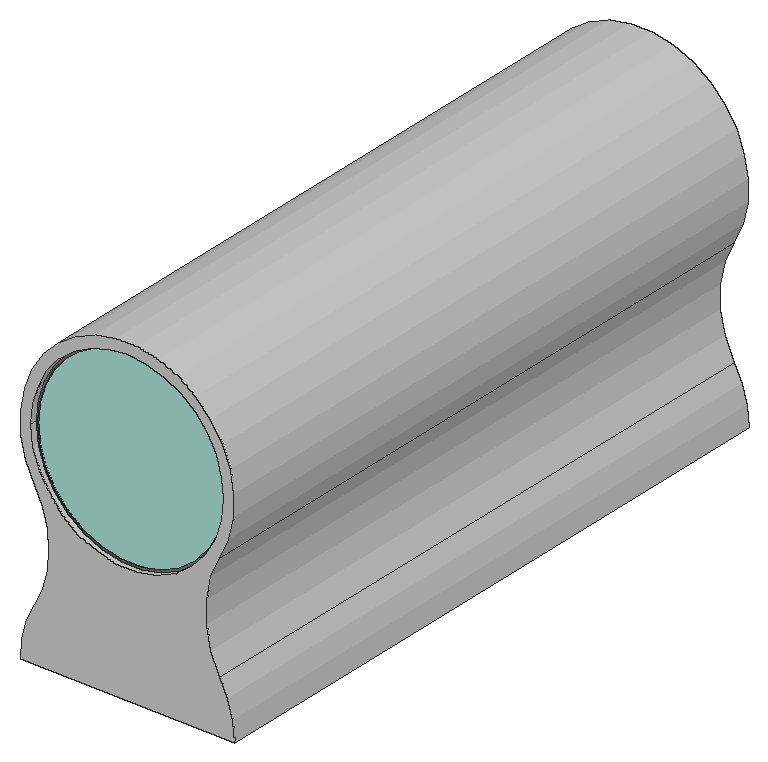
Revit family "Intono 3.2", category Lighting Fixtures, host Face, Revit 2017
Family settings
  Host = Face
  Round Connector Dimension = Use Diameter
  Part Type = Normal
  Cut with Voids When Loaded = Yes
  Light Source = Yes
  Shared = No
  Room Calculation Point = Yes
Parameters (values of type "Intono 3.2 LL 43° (3000K 20W 230Vac)")
  Wiring = "parallel"
  Width mm = 121 mm
  Weight kg = "2.20 kg"
  Wattage = 5.53379 W
  built-in parameter 1150110 = 1 (stored number, unit not read)
  Voltage = 230 V
  URL Accessories and power supply units = "https://www.lucelight.it/en/prodotto.php/122304#a-scheda-accessori"
  URL = "https://www.lucelight.it/en/prodotto.php/122304"
  built-in parameter 1114217 = 1 (stored number, unit not read)
  Tiltable = "-"
  URL Technical sheet = "https://www.lucelight.it/media/prodotti/st/ST_INTONO_31-32.pdf"
  URL Image = "https://www.lucelight.it/media/prodotti/foto/intono_3.2_still.jpg"
  URL IES Photometric file = "https://www.lucelight.it/media/prodotti/fotometrie/intono_3.2_ies.zip"
  URL General code = "https://www.lucelight.it/en/prodotto.php/122304#a-generacodice"
  URL Description = "https://www.lucelight.it/en/capitolato.php/122304"
  URL DXF = "https://www.lucelight.it/media/prodotti/dxf/intono_3.2.dxf"
  URL Catalogue = "https://www.lucelight.it/media/prodotti/mf_brochure/intono_brochure_en.pdf"
  Tilt Angle = 180.00°
  built-in parameter 1150109 = 1 (stored number, unit not read)
  built-in parameter 1150134 = (empty or 0)
  built-in parameter 1150113 = 1 (stored number, unit not read)
  Screen = L&L_Black-serigraphed
  Power supply unit = "built in"
  Power supply = "230Vac"
  Power cables = "-"
  Power = "20W"
  Photometric Web File = "INTONO 3.1 L 43° [3000K 10W 230Vac].IES"
  Optics = "43°+43°"
  Notes = "version compatible with Google Home or Amazon Echo available on request for voice command control; DALI version available on request"
  No. and type of led = "2 high power density COB LEDs, 2-step MacAdam, 50 000h L95 B10 (Ta 25°C)"
  Mounting = "surface mounted (wall)"
  Model = "Intono 3.2"
  Material = "body in die-cast aluminium, screen in black-serigraphed, tempered, transparent extra-clear glass"
  Manufacturer = "L&L Luce&Light"
  built-in parameter 1150105 = 65.413 (stored number, unit not read)
  Lumens = 822 lm
  built-in parameter 1150115 = 1 (stored number, unit not read)
  Lumen output at source = "988 lm (3000K, CRI 80) per beam, 822 lm (3000K, CRI 90) per beam"
  Light Source = Intono 3.1_Light Source : L 43°
  built-in parameter 1150137 = (empty or 0)
  built-in parameter 1150139 = (empty or 0)
  Lens = L&L_Tempered extra-clear glass
  Length mm = 80 mm
  built-in parameter 1150112 = 1 (stored number, unit not read)
  built-in parameter 1150114 = 1 (stored number, unit not read)
  LED Colour = "3000K (also available: 2700K and 4000K - ref. URL Technical sheet)"
  built-in parameter 1150132 = 2
  built-in parameter 1150102 = (empty or 0)
  built-in parameter 1150107 = 3000 (stored number, unit not read)
  built-in parameter 1150138 = (empty or 0)
  built-in parameter 1150106 = 0.65413 (stored number, unit not read)
  IP = "IP65"
  Height mm = 240 mm
  Features = "-"
  Energy efficiency class = "A A+ A++"
  Emit from Line Length = 609.6 mm
  built-in parameter 1150104 = 13.8 (stored number, unit not read)
  Dimming Lamp Color Temperature Shift = <None>
  Description = "Wall mounted for outdoor applications"
  Delivered lumen output = "837 lm (3000K, 15°, CRI 80) per beam, 696 lm (3000K, 15°, CRI 90) per beam"
  Default Elevation = 1219.2 mm
  Cutout dimensions = "-"
  Control system = "1-10V, ON/OFF"
  Contact = "T: +39 0444 360571; E: lucelight@lucelight.it"
  Company = "L&L Luce&Light"
  Color Filter = 16777215
  Code = "-"
  CRI = "90 (also available: CRI 80 - ref. URL Technical sheet)"
  Body = L&L_Die-cast aluminium
  built-in parameter 1114218 = 1 (stored number, unit not read)
  built-in parameter 1150133 = 10 (stored number, unit not read)
  Apparent Load Phase 1 = 20 W
  Apparent Load = 0 VA
Types (7, lengths in mm): name | Photometric Web File | Optics | Light Source
  Intono 3.2 LL 43° (3000K 20W 230Vac) | "INTONO 3.1 L 43° [3000K 10W 230Vac].IES" | "43°+43°" | Intono 3.1_Light Source : L 43°
  Intono 3.2 MM 20° (3000K 20W 230Vac) | "INTONO 3.1 M 20° [3000K 10W 230Vac].IES" | "20°+20°" | Intono 3.1_Light Source : M 20°
  Intono 3.2 SL 15°+43° (3000K 20W 230Vac) | "INTONO 3.1 S 15° [3000K 10W 230Vac].IES" | "15°+43°" | Intono 3.1_Light Source : L 43°
  Intono 3.2 SS 15° (3000K 20W 230Vac) | "INTONO 3.1 S 15° [3000K 10W 230Vac].IES" | "15°+15°" | Intono 3.1_Light Source : S 15°
  Intono 3.2 WA (3000K 20W 230Vac) | "INTONO 3.1 W [3000K 10W 230Vac].IES" | "wall grazing + asymmetrical" | Intono 3.1_Light Source : A
  Intono 3.2 WW (3000K 20W 230Vac) | "INTONO 3.1 W [3000K 10W 230Vac].IES" | "wall grazing + wall grazing" | Intono 3.1_Light Source : W
  Intono 3.2 ZW (3000K 20W 230Vac) | "INTONO 3.1 Z 11° [3000K 10W 230Vac].IES" | "asymmetrical 11°+ wall grazing" | Intono 3.1_Light Source : W
Reference planes
  plane 1 "Center (Front/Back)": y = 0
  plane 2: z = 0
  plane 3 "Center (Left/Right)": x = 0
  plane 4: z = 30.8
Forms (mm)
  Extrusion 1, solid, material "L&L_Die-cast aluminium" <- "Body", detail levels coarse
    sketch origin (0, 120, 0.3) x (1, 0, 0) y (0, 0, 1)
      loop
        line (-40, 120.7) -> (-40, -0.3) -> (40, -0.3) -> (40, 120.7) -> (-40, 120.7)
    from 0 to 240
  Extrusion 2, solid, material "L&L_Die-cast aluminium" <- "Body", detail levels fine
    sketch origin (0, 120, 0.3) x (1, 0, 0) y (0, 0, 1)
      loop
        arc (-34.641, 60.7) -> (-29.282, 40.7) -> (-34.641, 20.7) r 40
        arc (-34.641, 20.7) -> (-38.637, 11.053) -> (-40, 0.7) r 40
        line (-40, 0.7) -> (40, 0.7)
        arc (40, 0.7) -> (38.637, 11.053) -> (34.641, 20.7) r 40
        arc (34.641, 20.7) -> (29.282, 40.7) -> (34.641, 60.7) r 40
        arc (34.641, 60.7) -> (0, 120.7) -> (-34.641, 60.7) r 40
    from 0 to 240
  Extrusion 3, void
    sketch origin (0, 0, 24.8) x (1, 0, 0) y (0, 0, 1)
      loop
        circle (0, 56.2) r 36
    from -120 to 120
  Extrusion 4, solid, material "L&L_Die-cast aluminium" <- "Body", detail levels medium
    sketch origin (0, 120, 0.3) x (1, 0, 0) y (0, 0, 1)
      loop
        arc (-34.641, 60.7) -> (-29.282, 40.7) -> (-34.641, 20.7) r 40
        arc (-34.641, 20.7) -> (-38.637, 11.053) -> (-40, 0.7) r 40
        line (-40, 0.7) -> (40, 0.7)
        arc (40, 0.7) -> (38.637, 11.053) -> (34.641, 20.7) r 40
        arc (34.641, 20.7) -> (29.282, 40.7) -> (34.641, 60.7) r 40
        arc (34.641, 60.7) -> (0, 120.7) -> (-34.641, 60.7) r 40
    from 0 to 240
  Extrusion 5, solid, detail levels medium+fine
    sketch origin (0, 0, 0) x (1, 0, 0) y (0, 1, 0)
      loop
        arc (37, 50) -> (0, 87) -> (-37, 50) r 37
        line (-37, 50) -> (-37, -50)
        arc (-37, -50) -> (0, -87) -> (37, -50) r 37
        line (37, -50) -> (37, 50)
    from 0 to 1
  Extrusion 6, solid, material "L&L_Tempered extra-clear glass" <- "Lens", detail levels fine
    sketch origin (0, 0, 24.5) x (1, 0, 0) y (0, 0, 1)
      loop
        circle (0, 56.5) r 35
    from -117.7 to -116.65
  Extrusion 7, solid, material "L&L_Black-serigraphed" <- "Screen", detail levels fine
    sketch origin (0, 0, 24.5) x (1, 0, 0) y (0, 0, 1)
      loop
        circle (0, 56.5) r 36
      loop
        circle (0, 56.5) r 35
    from -117.7 to -116.65
  Extrusion 8, solid, material "L&L_Black-serigraphed" <- "Screen", detail levels fine
    sketch origin (0, -234.546, 24.5) x (1, 0, 0) y (0, 0, 1)
      loop
        circle (0, 56.5) r 36
      loop
        circle (0, 56.5) r 35
    from -117.7 to -116.65
  Extrusion 9, solid, material "L&L_Tempered extra-clear glass" <- "Lens", detail levels fine
    sketch origin (0, -234.546, 24.5) x (1, 0, 0) y (0, 0, 1)
      loop
        circle (0, 56.5) r 35
    from -117.7 to -116.65
Cuts and joins
  Extrusion 3 cuts Extrusion 2
Dimensions and locks
  aligned and locked: plane 2 to host face
  aligned and locked: level to host face
Nested families
  nested 1: "Intono 3.1_Light Source" at (0, -120.259, 80.821) x (-1, 0, 0) z (0, -1, 0), type <- "Light Source", type "L 43°"
Connectors
  electrical at (0, 0, 0), driven by "Apparent Load Phase 1", driven by "Voltage"
    settings: index 1, voltage 230 V, apparent load 0 VA, apparent load phase1 20 VA, apparent load phase2 0 VA, apparent load phase3 0 VA, power factor 1, load classification "Lighting", number of poles 1, system type 31, power factor state 1, is connector primary yes, connector utility no, sub classification motor no, connector description ""
Definition of nested family "Intono 3.1_Light Source"
  Parameters (values of type "W")
    Wattage = 5.53379 W
    built-in parameter 1150110 = 1 (stored number, unit not read)
    built-in parameter 1114217 = 1 (stored number, unit not read)
    Tilt Angle = 90.00°
    built-in parameter 1150109 = 1 (stored number, unit not read)
    built-in parameter 1150134 = (empty or 0)
    built-in parameter 1150113 = 1 (stored number, unit not read)
    Photometric Web File = "INTONO 3.1 W [3000K 10W 230Vac].IES"
    Lumens = 822 lm
    built-in parameter 1150115 = 1 (stored number, unit not read)
    built-in parameter 1150105 = 65.413 (stored number, unit not read)
    built-in parameter 1150137 = (empty or 0)
    built-in parameter 1150139 = (empty or 0)
    built-in parameter 1150112 = 1 (stored number, unit not read)
    built-in parameter 1150114 = 1 (stored number, unit not read)
    built-in parameter 1150132 = 2
    built-in parameter 1150102 = (empty or 0)
    built-in parameter 1150138 = (empty or 0)
    built-in parameter 1150107 = 3000 (stored number, unit not read)
    built-in parameter 1150106 = 0.65413 (stored number, unit not read)
    built-in parameter 1150104 = 13.8 (stored number, unit not read)
    Dimming Lamp Color Temperature Shift = (empty or 0)
    Default Elevation = 1219.2 mm
    Color Filter = 16777215
    built-in parameter 1114218 = 1 (stored number, unit not read)
    built-in parameter 1150133 = 10 (stored number, unit not read)
  Types (6, lengths in mm): name | Photometric Web File | built-in parameter 1150105 | built-in parameter 1150106
    S 15° | "INTONO 3.1 S 15° [3000K 10W 230Vac].IES" | 65.413 (stored number, unit not read) | 0.65413 (stored number, unit not read)
    M 20° | "INTONO 3.1 M 20° [3000K 10W 230Vac].IES" | 65.413 (stored number, unit not read) | 0.65413 (stored number, unit not read)
    L 43° | "INTONO 3.1 L 43° [3000K 10W 230Vac].IES" | 65.413 (stored number, unit not read) | 0.65413 (stored number, unit not read)
    W | "INTONO 3.1 W [3000K 10W 230Vac].IES" | 65.413 (stored number, unit not read) | 0.65413 (stored number, unit not read)
    Z 11° | "INTONO 3.1 Z 11° [3000K 10W 230Vac].IES" | 1289.6 (stored number, unit not read) | 12.896 (stored number, unit not read)
    A | "INTONO 3.1 A [3000K 10W 230Vac].IES" | 65.413 (stored number, unit not read) | 0.65413 (stored number, unit not read)
  Reference planes
    plane 1 "Light Source Axis (F/B)": y = 0
    plane 2: z = 0
    plane 3 "Light Source Axis (L/R)": x = 0
    plane 4 "Light Source Elevation": z = 0
  Dimensions and locks
    aligned and locked: level to plane 2
